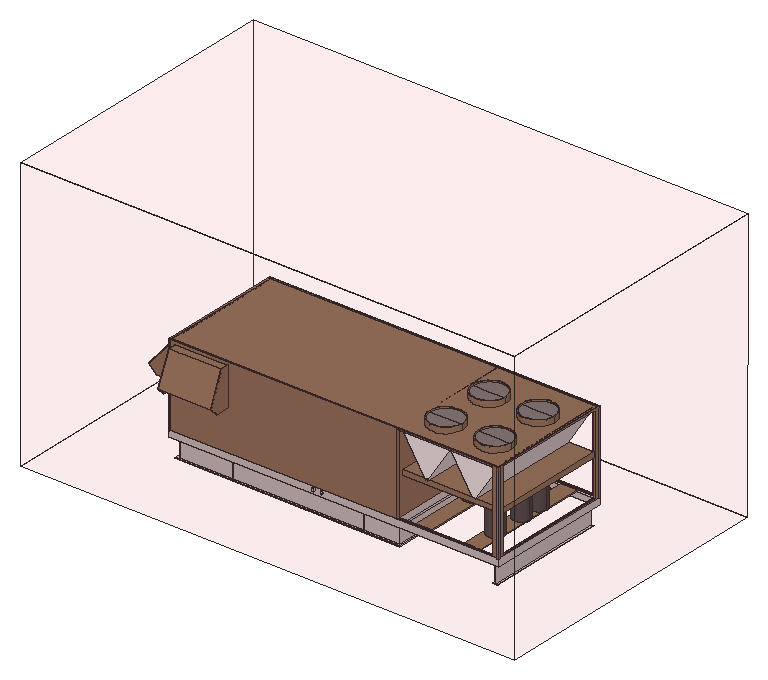
Revit family
Parameters (values of type "25 Ton - D - C - W - 208V")
  Width = 92"  # constant formula
  Water Supply Connection Diameter = 2"  # constant formula
  Water Return Connection Diameter = 2"  # constant formula
  Water Heating Pressure Drop [instance] = 0.00 psi
  Water Out Connector Description = "Water Out"  # constant formula
  Voltage = 208 V
  URL = "www.johnsoncontrols.com"
  Temperature Rise Range = 0 °F
  Supply Fan HP = 0 VA
  Supply Fan Full Load Current = 0 A
  Supply Air Connection Width = 71 39/64"  # constant formula
  Supply Air Connection Height = 26"  # constant formula
  Supply Air Connection Description = "Supply Air"  # constant formula
  Steady State Efficiency [instance] = 0
  Static Resistance [instance] = 0
  Standard Capacity Evaporator [instance] = ""
  Serial Number [instance] = ""
  Seasonal Energy Efficiency Rating [instance] = 0
  Right Screen Detail Width = Width - 8"  # 84"
  Return Air Dry Bulb Temperature [instance] = 68 °F
  Return Air Connection Width = 76 3/8"  # constant formula
  Return Air Connection Height = 24 115/128"  # constant formula
  Return Air Connection Description = "Return Air"  # constant formula
  Refrigerant Used = "R-410A"  # constant formula
  Refrigerant Charge System Two = 12.00 lbf
  Refrigerant Charge System Three = 10.00 lbf
  Refrigerant Charge System One = 12.00 lbf
  Refrigerant Charge System Four = 10.00 lbf
  Product Page URL = "http://www.johnsoncontrols.com/publish/us/en/products/building_efficiency/integrated_hvac_systems/Industrial___Commercial_HVAC_Equipment/single-package_units/series_40.html"
  Product Documentation Link = "http://www.johnsoncontrols.com/publish/etc/medialib/jci/be/commercial/products/industrial___commercial/single-package_units.Par.62966.File.dat/series%2040-%20T%20series.pdf"
  Power Front Connection Diameter = 2 1/2"  # constant formula
  Power Factor = 1  # constant formula
  Power Exhaust Width = 59 133/256"  # constant formula
  Power Convenience Outlet Description [instance] = if(Power Convenience Outlet, "Convenience Electrical Connection", "Disable")  # "Convenience Electrical Connection"
  Power Convenience Outlet [instance] = yes
  Power Connector Description = "Equipment Power"  # constant formula
  Power Connection Diameter = 3 5/8"  # constant formula
  Outdoor Ambient Temperature [instance] = 75 °F
  Outdoor Air Wet Bulb Temperature [instance] = 57 °F
  Operating Weight = 4410.00 lbf
  OmniClass Title = "Packaged Rooftop Air Conditioning Units"  # constant formula
  OmniClass Number = "23.75.10.24.21.27.14"  # constant formula
  Number of Poles = 3
  Nominal Cooling Capacity = 0.0 ton
  Model = "V3DW"
  Maximum Overcurrent Protection = 0 A
  Manufacturer = "Johnson Controls, Inc."  # constant formula
  Length = 240"  # constant formula
  Keynote = "15700"
  Integrated Part Load Value = 0
  Water In Connector Description = "Water In"  # constant formula
  Heating Water Entering Temperature [instance] = 0 °F
  Hot Gas By Pass [instance] = no
  Height = 64"  # constant formula
  Water Inlet Offset Front = 11 225/256"  # constant formula
  Water Connection Radius = Water Supply Connection Diameter / 2  # 1"
  Heating Coil Size = "22.5\" x 65\""
  Heating Coil Row Quantity = 2
  Heating Coil Fin Density per Inch = 16  # constant formula
  Power Front Connection Radius = Power Front Connection Diameter / 2  # 1 1/4"
  Frame Material = Metal - JCI - Steel - Galvanized With Wood Nailer
  Frame Finish = Paint - JCI - Powder Coated - Champagne
  Filter Type = "2\" TA"
  Filter Size and Quantity = "4 / 16 x 25 & 6 / 20 x 25"  # constant formula
  Filter Face Area = 30.40 SF  # constant formula
  Family Revision Date = "06/18/2010"  # constant formula
  Exhaust Fan Type = "FC"  # constant formula
  Exhaust Fan Quantity = 1
  Exhaust Fan HP [instance] = 0 VA
  Exhaust Fan Drive = "Belt Drive"
  Exhaust Air Flow = 0 CFM
  Exhaust Air Blower Full Load Current [instance] = 0 A
  Evaporator Coil Row Count = 2
  Evaporator Coil Fins per Inch = 16  # constant formula
  Evaporator Coil Face Area = 26.00 SF
  Economizer Damper Hood Right [instance] = not(Economizer Damper Hood Left)  # yes
  Door Screen Detail Height = Height - 5 5/8"  # 58 3/8"
  Design Supply Air Flow [instance] = 0 CFM
  Curb Exists [instance] = yes
  Convenience Outlet Voltage [instance] = if(Power Convenience Outlet, 115 V, 0 V)  # 115 V
  External Static Pressure [instance] = 0.00 in-wg
  Energy Efficiency Rating = 10.5
  Economizer Damper Hood Left [instance] = no
  Description = "Air Handling Unit, Commercial Comfort Systems, Series 40, Cooling And Hot Water Heating-End Return And Bottom Supply - 25 to 40 Ton Unit"  # constant formula
  Curb Width = 87"  # constant formula
  Curb Thicknes = 2"  # constant formula
  Curb Metal Gauge = 1/8"  # constant formula
  Curb Length = 235"  # constant formula
  Curb Height = 14"
  Curb Material = Metal - JCI - Steel - Galvanized With Wood Nailer
  Copyright © = "Copyright © 2001-2009 Johnson Controls"  # constant formula
  Convenience Outlet Full Load Current = 0 A
  Condenser Fan Quantity = 1
  Condenser Fan HP = 0 VA
  Condenser Fan Full Load Current = 0 A
  Condenser Fan Drive Type = "Belt Drive"
  Condenser Fan Diameter = 24"
  Condenser Coils Fins per Inch = 16  # constant formula
  Condenser Coil Rows = 2
  Condenser Coil Material = Metal - JCI - Aluminum - Perforated - Micro Channel
  Condensate Drain Flow [instance] = 0 GPM
  Condensate Drain Connection Radius = Condensate Drain Connection Diameter / 2  # 3/4"
  Condensate Drain Connection Diameter = 1 1/2"  # constant formula
  Condensate Drain Connection Description = "Condensate Drain"  # constant formula
  Compressor Type = "Scroll"  # constant formula
  Compressor Size = "5.7 Tons"
  Compressor Running Load Current = 0 A
  Compressor Quantity = 4
  Compressor Maximum Continuous Current = 0 A
  Compressor Material = Metal - JCI - Cast Iron - Coated Black
  Compressor Locked Rotor Current = 0 A
  Clearance Top = 120"
  Clearance Right = 60"
  Clearance Left = 60"
  Clearance Front = 60"
  Clearance Bottom [instance] = if(Curb Exists, CTRL Curb Height, 0")  # 14"
  Clearance Back = 60"
  Clearance = Include Clearance : Include Clearance
  Power Connection Radius = Power Connection Diameter / 2  # 1 13/16"
  CTRL Curb Height [instance] = if(Curb Exists, if(Curb Height < 9", 8", 14"), 0")  # 14"
  Assembly Code = "D3050200"
  Actual Supply Air Flow [instance] = 0 CFM
  Actual Return Air Flow [instance] = 0 CFM
  Actual Heating Water Flow [instance] = 0 GPM
Reference planes (in)
  plane 1 "Center (Front/Back)": y = 0
  plane 2 "Curb Bottom": z = 0
  plane 3 "Center (Left/Right)": x = 0
  plane 4 "Curb Left": x = -117.5
  plane 5 "Curb Right": x = 117.5
  plane 6 "Curb Front": y = -43.5
  plane 7 "Curb Back": y = 43.5
  plane 8 "Return Air Left": x = -115.5
  plane 9 "Right Rail Center L/R": x = 115.5
  plane 10 "Curb Front Inset": y = -41.5
  plane 11 "Curb Back Inset": y = 41.5
  plane 12 "Curb Top": z = 14
  plane 13 "Curb Top Offset": z = 12.5
  plane 14 "Return Air Right": x = -76.91016
  plane 15 "Return Air Right Inset": x = -74.91016
  plane 16 "Supply Air Left": x = 18.17984
  plane 17 "Supply Air Right'": x = 44.17984
  plane 18 "Supply Air Right Offset": x = 46.17984
  plane 19 "Supply Air Left Offset": x = 16.17984
  plane 20 "Supply Air Front": y = -30.10938
  plane 21 "Supply Air Front Offset": y = -32.10938
  plane 22 "Right Rail Left": x = 113.5
  plane 23 "Right": x = 120
  plane 24 "Left": x = -120
  plane 25 "Back": y = 46
  plane 26 "Front": y = -46
  plane 27 "Center of Drain Connection L/R": x = -39.07
  plane 28 "Top of Base": z = 18.625
  plane 29 "Drain Center T/B": z = 16.3125
  plane 30 "Drain Back": y = 47
  plane 31 "Flanged Drain Left": x = -42.195
  plane 32 "Flanged Drain Right": x = -35.945
  plane 33 "Center of Electrical Connection L/R": x = -8.5
  plane 34 "Center of Electrical Connection F/B": y = -39.54
  plane 35 "Center of Connection Holes T/B": z = 17.0625
  plane 36 "Water Inlet Center F/B": y = -34.12109
  plane 37 "Water Inlet Center L/R": x = 20.42984
  plane 38 "Return Air Bottom": z = 20.25
  plane 39 "Center (Elevation)": z = 46
  plane 40 "Top Inset": z = 77.5
  plane 41 "Top": z = 78
  plane 42 "Top of Economizer Rain Hood": z = 76
  plane 43 "Condenser Fans Right": x = 99.66996
  plane 44 "Condenser Fans Center L/R": x = 81.83992
  plane 45 "Condenser Fans Left": x = 64.00988
  plane 46 "Condenser Fans Back": y = 15.33333
  plane 47 "Condenser Fans Front": y = -23.97667
  plane 48 "Water Outlet Center L/R": x = 41.62984
  plane 49 "Water Outlet Center F/B": y = -37.62
  plane 50 "Return Air Back": y = 38.1875
  plane 51 "Return Air Front": y = -38.1875
  plane 52 "Return Air Top": z = 45.14844
  plane 53 "Power Convenience Outlet Center L/R": x = -14.5
  plane 54 "Power Convenience Outlet Right": x = -13.75
  plane 55 "Power Convenience Outlet Left": x = -15.25
  plane 56 "Power Convenience Outlet Bottom": z = 16.0625
  plane 57 "Power Conveniece Outlet Top": z = 18.0625
  plane 58 "Power Convenience Outlet Front": y = -46.75
  plane 59 "Supply Center": x = 31.17984
  plane 60 "Supply Middle": y = 5.69476
  plane 61 "Return Middle": z = 32.69922
Forms (in)
  Sweep 1, solid, material "Metal - JCI - Steel - Galvanized With Wood Nailer" <- "Curb Material", visible <- "Curb Exists", detail levels fine
    path origin (0, 0, 0) x (1, 0, 0) y (0, 1, 0)
      loop
        line (-115.5, 41.5) -> (-115.5, -41.5) -> (44.17984, -41.5) -> (44.17984, 41.5) -> (-115.5, 41.5)
    profile origin (-35.66008, 41.5, 0) x (0, 1, 0) y (0, 0, 1)
      loop
        line (0, 0) -> (2, 0) -> (2, 0.125) -> (0.125, 0.125) -> (0.125, 13.875) -> (1.875, 13.875) -> (1.875, 12.5) -> (2, 12.5) -> (2, 14) -> (0, 14) -> (0, 0)
  Extrusion 2, solid, material "Metal - JCI - Steel - Galvanized With Wood Nailer" <- "Curb Material", visible <- "Curb Exists", detail levels fine
    sketch origin (0, 0, 0) x (1, 0, 0) y (0, 0, 1)
      loop
        line (16.17984, 12.5) -> (16.30484, 12.5) -> (16.30484, 13.875) -> (18.05484, 13.875) -> (18.05484, 0.125) -> (16.17984, 0.125) -> (16.17984, 0) -> (18.17984, 0) -> (18.17984, 14) -> (16.17984, 14) -> (16.17984, 12.5)
      loop
        line (-74.91016, 12.5) -> (-74.91016, 14) -> (-76.91016, 14) -> (-76.91016, 0) -> (-74.91016, 0) -> (-74.91016, 0.125) -> (-76.78516, 0.125) -> (-76.78516, 13.875) -> (-75.03516, 13.875) -> (-75.03516, 12.5) -> (-74.91016, 12.5)
    from -41.5 to 41.5
  Extrusion 3, solid, material "Metal - JCI - Steel - Galvanized With Wood Nailer" <- "Curb Material", visible <- "Curb Exists", detail levels fine
    sketch origin (0, 0, 0) x (0, 1, 0) y (0, 0, 1)
      loop
        line (-32.10938, 0.125) -> (-32.10938, 0) -> (-30.10938, 0) -> (-30.10938, 14) -> (-32.10938, 14) -> (-32.10938, 12.5) -> (-31.98438, 12.5) -> (-31.98438, 13.875) -> (-30.23438, 13.875) -> (-30.23438, 0.125) -> (-32.10938, 0.125)
    from 18.17984 to 44.17984
  Extrusion 4, solid, material "Metal - JCI - Steel - Galvanized With Wood Nailer" <- "Curb Material", visible <- "Curb Exists", detail levels fine
    sketch origin (0, 0, 0) x (1, 0, 0) y (0, 0, 1)
      loop
        line (113.5, 0.125) -> (113.5, 0) -> (117.5, 0) -> (117.5, 0.125) -> (115.625, 0.125) -> (115.625, 13.875) -> (117.375, 13.875) -> (117.375, 12.5) -> (117.5, 12.5) -> (117.5, 14) -> (113.5, 14) -> (113.5, 12.5) -> (113.625, 12.5) -> (113.625, 13.875) -> (115.375, 13.875) -> (115.375, 0.125) -> (113.5, 0.125)
    from -43.5 to 43.5
  Extrusion 5, solid, material "Metal - JCI - Steel - Galvanized With Wood Nailer" <- "Curb Material", visible <- "Curb Exists", detail levels medium
    sketch origin (0, 0, 12.5) x (-1, 0, 0) y (0, -1, 0)
      loop
        line (117.5, -43.5) -> (117.5, 43.5) -> (-46.17984, 43.5) -> (-46.17984, -43.5) -> (117.5, -43.5)
      loop
        line (-113.5, -43.5) -> (-113.5, 43.5) -> (-117.5, 43.5) -> (-117.5, -43.5) -> (-113.5, -43.5)
    from -12.5 to 1.5
  Revolve 6, solid, material "Metal - JCI - Steel - Galvanized With Wood Nailer" <- "Curb Material", detail levels medium+fine
    sketch origin (0, 0, 16.3125) x (-1, 0, 0) y (0, -1, 0)
      loop
        line (39.07, -47) -> (39.07, -46) -> (38.32, -46) -> (38.32, -47) -> (39.07, -47)
      axis (39.07, -46) -> (39.07, -47)
    angle from 0 to 360
  Extrusion 7, solid, material "Metal - JCI - Steel - Galvanized With Wood Nailer" <- "Curb Material", detail levels medium+fine
    sketch origin (0, -43.5, 0) x (-1, 0, 0) y (0, 0, 1)
      loop
        line (42.195, 18.625) -> (35.945, 18.625) -> (35.945, 14) -> (42.195, 14) -> (42.195, 18.625)
      loop
        circle (39.07, 16.3125) r 0.75
    from 89.5 to 89.57955
  Extrusion 8, void
    sketch origin (0, -43.5, 0) x (-1, 0, 0) y (0, 0, 1)
      loop
        circle (8.5, 17.0625) r 1.25
    from -2.5 to 3.96
  Extrusion 9, void
    sketch origin (0, 0, 16.3125) x (-1, 0, 0) y (0, -1, 0)
      loop
        line (-18.17984, -41.5) -> (-18.17984, 30.10938) -> (-44.17984, 30.10938) -> (-44.17984, -41.5) -> (-18.17984, -41.5)
    from -3.8125 to -2.3125
  Extrusion 10, void
    sketch origin (0, 0, 16.3125) x (-1, 0, 0) y (0, -1, 0)
      loop
        circle (-20.42984, 34.12109) r 1
    from -3.8125 to 2.3125
  Revolve 11, void
    sketch origin (0, -37.62, 0) x (-1, 0, 0) y (0, 0, 1)
      loop
        line (-41.62984, 18.625) -> (-41.62984, 12.5) -> (-40.62984, 12.5) -> (-40.62984, 18.625) -> (-41.62984, 18.625)
      axis (-41.62984, 12.5) -> (-41.62984, 18.625)
    angle from 0 to 360
  Extrusion 12, void
    sketch origin (0, 0, 0) x (0, 1, 0) y (0, 0, 1)
      loop
        line (38.1875, 45.14844) -> (-38.1875, 45.14844) -> (-38.1875, 20.25) -> (38.1875, 20.25) -> (38.1875, 45.14844)
    from -120 to -117.5
  Extrusion 13, solid, material "Metal - JCI - Steel - Galvanized With Wood Nailer" <- "Frame Material", visible <- "Power Convenience Outlet", detail levels medium+fine
    sketch origin (0, -46, 0) x (-1, 0, 0) y (0, 0, 1)
      loop
        line (15.25, 18.0625) -> (13.75, 18.0625) -> (13.75, 16.0625) -> (15.25, 16.0625) -> (15.25, 18.0625)
    from -0.75 to 0
Lines and regions (in)
  Masking region 1
    outline origin (0, 0, 0) x (1, 0, 0) y (0, 0, 1)
      loop
        line (113.5, 14) -> (113.5, 0) -> (117.5, 0) -> (117.5, 14) -> (113.5, 14)
      loop
        line (-117.5, 14) -> (-117.5, 0) -> (46.17984, 0) -> (46.17984, 14) -> (-117.5, 14)
  Masking region 2
    outline origin (0, 0, 0) x (0, 1, 0) y (0, 0, 1)
      loop
        line (-43.5, 14) -> (-43.5, 0) -> (43.5, 0) -> (43.5, 14) -> (-43.5, 14)
  Masking region 3, visible <- "Power Convenience Outlet", detail levels medium+fine
    outline origin (-14.5, 0, 0) x (0, -1, 0) y (0, 0, 1)
      loop
        line (46.75, 18.0625) -> (46, 18.0625) -> (46, 16.0625) -> (46.75, 16.0625) -> (46.75, 18.0625)
  Masking region 4, visible <- "Power Convenience Outlet"
    outline origin (0, -46, 0) x (-1, 0, 0) y (0, 0, 1)
      loop
        line (15.25, 18.0625) -> (13.75, 18.0625) -> (13.75, 16.0625) -> (15.25, 16.0625) -> (15.25, 18.0625)
  Masking region 5, visible <- "Power Convenience Outlet", detail levels medium+fine
    outline origin (0, 0, 17.0625) x (-1, 0, 0) y (0, -1, 0)
      loop
        line (15.25, 46) -> (15.25, 46.75) -> (13.75, 46.75) -> (13.75, 46) -> (15.25, 46)
  Masking region 6, detail levels medium+fine
    outline origin (-39.07, 0, 0) x (0, -1, 0) y (0, 0, 1)
      loop
        line (-46, 17.0625) -> (-47, 17.0625) -> (-47, 15.5625) -> (-46, 15.5625) -> (-46, 17.0625)
  Masking region 7, detail levels medium+fine
    outline origin (0, 0, 17.0625) x (-1, 0, 0) y (0, -1, 0)
      loop
        line (39.82, -47) -> (39.82, -46) -> (38.32, -46) -> (38.32, -47) -> (39.82, -47)
  model lines, style "Roof Curv", visible <- "Curb Exists", detail levels coarse
    curve 1: line (-117.5, 43.5, 0) -> (46.17984, 43.5, 0)
    curve 2: line (-117.5, 43.5, 0) -> (-117.5, -43.5, 0)
    curve 3: line (-117.5, -43.5, 0) -> (46.17984, -43.5, 0)
    curve 4: line (46.17984, 43.5, 0) -> (46.17984, -43.5, 0)
    curve 5: line (115.5, 43.5, 0) -> (115.5, -43.5, 0)
    curve 6: line (-117.5, 43.5, 14) -> (46.17984, 43.5, 14)
    curve 7: line (-117.5, -43.5, 14) -> (46.17984, -43.5, 14)
    curve 8: line (46.17984, 43.5, 14) -> (46.17984, -43.5, 14)
    curve 9: line (-117.5, 43.5, 14) -> (-117.5, -43.5, 14)
    curve 10: line (115.5, 43.5, 14) -> (115.5, -43.5, 14)
    curve 11: line (113.5, -43.5, 14) -> (117.5, -43.5, 14)
    curve 12: line (113.5, 43.5, 14) -> (117.5, 43.5, 14)
    curve 13: line (113.5, 43.5, 0) -> (117.5, 43.5, 0)
    curve 14: line (113.5, -43.5, 0) -> (117.5, -43.5, 0)
    curve 15: line (117.5, 43.5, 14) -> (117.5, 43.5, 12.5)
    curve 16: line (113.5, 43.5, 14) -> (113.5, 43.5, 12.5)
    curve 17: line (115.5, 43.5, 14) -> (115.5, 43.5, 0)
    curve 18: line (113.5, -43.5, 14) -> (113.5, -43.5, 12.5)
    curve 19: line (117.5, -43.5, 14) -> (117.5, -43.5, 12.5)
    curve 20: line (115.5, -43.5, 14) -> (115.5, -43.5, 0)
    curve 21: line (113.5, 43.5, 0) -> (113.5, -43.5, 0)
    curve 22: line (117.5, 43.5, 0) -> (117.5, -43.5, 0)
    curve 23: line (113.5, 43.5, 14) -> (113.5, -43.5, 14)
    curve 24: line (117.5, 43.5, 14) -> (117.5, -43.5, 14)
    curve 25: line (117.5, 43.5, 12.5) -> (117.5, -43.5, 12.5)
    curve 26: line (113.5, -43.5, 12.5) -> (113.5, 43.5, 12.5)
    curve 27: line (44.17984, 41.5, 14) -> (44.17984, 41.5, 0)
    curve 28: line (-115.5, 41.5, 14) -> (-115.5, 41.5, 0)
    curve 29: line (-115.5, -41.5, 14) -> (-115.5, -41.5, 0)
    curve 30: line (44.17984, -41.5, 14) -> (44.17984, -41.5, 0)
    curve 31: line (-115.5, 41.5, 0) -> (44.17984, 41.5, 0)
    curve 32: line (-115.5, -41.5, 0) -> (44.17984, -41.5, 0)
    curve 33: line (44.17984, 41.5, 0) -> (44.17984, -41.5, 0)
    curve 34: line (-115.5, 41.5, 0) -> (-115.5, -41.5, 0)
    curve 35: line (-115.5, 41.5, 14) -> (44.17984, 41.5, 14)
    curve 36: line (44.17984, 41.5, 14) -> (44.17984, -41.5, 14)
    curve 37: line (44.17984, -41.5, 14) -> (-115.5, -41.5, 14)
    curve 38: line (-115.5, -41.5, 14) -> (-115.5, 41.5, 14)
    curve 39: line (-117.5, 43.5, 14) -> (-115.5, 41.5, 14)
    curve 40: line (-117.5, -43.5, 14) -> (-115.5, -41.5, 14)
    curve 41: line (44.17984, -41.5, 14) -> (46.17984, -43.5, 14)
    curve 42: line (44.17984, 41.5, 14) -> (46.17984, 43.5, 14)
    curve 43: line (44.17984, 41.5, 0) -> (46.17984, 43.5, 0)
    curve 44: line (44.17984, -41.5, 0) -> (46.17984, -43.5, 0)
    curve 45: line (-115.5, -41.5, 0) -> (-117.5, -43.5, 0)
    curve 46: line (-115.5, 41.5, 0) -> (-117.5, 43.5, 0)
    curve 47: line (-117.5, 43.5, 14) -> (-117.5, 43.5, 12.5)
    curve 48: line (46.17984, 43.5, 14) -> (46.17984, 43.5, 12.5)
    curve 49: line (-117.5, -43.5, 14) -> (-117.5, -43.5, 12.5)
    curve 50: line (46.17984, -43.5, 14) -> (46.17984, -43.5, 12.5)
    curve 51: line (-117.5, 43.5, 12.5) -> (46.17984, 43.5, 12.5)
    curve 52: line (-117.5, -43.5, 12.5) -> (-117.5, 43.5, 12.5)
    curve 53: line (46.17984, -43.5, 12.5) -> (-117.5, -43.5, 12.5)
    curve 54: line (46.17984, 43.5, 12.5) -> (46.17984, -43.5, 12.5)
  model lines, style "Roof Curv", detail levels coarse
    curve 55: line (-39.07, 46, 16.3125) -> (-39.07, 47, 16.3125)
  symbolic lines, style "Roof Curv", detail levels coarse
    curve 56: line (-39.07, 46, 16.3125) -> (-39.07, 47, 16.3125)
    curve 57: line (-39.07, 46, 16.3125) -> (-39.07, 47, 16.3125)
  model lines, style "Frame Unit", visible <- "Power Convenience Outlet", detail levels coarse
    curve 58: line (-14.5, -46.75, 17.0625) -> (-14.5, -46, 17.0625)
    curve 60: line (-15.25, -46, 18.0625) -> (-13.75, -46, 18.0625)
    curve 61: line (-13.75, -46, 18.0625) -> (-13.75, -46, 16.0625)
    curve 62: line (-13.75, -46, 16.0625) -> (-15.25, -46, 16.0625)
    curve 63: line (-15.25, -46, 16.0625) -> (-15.25, -46, 18.0625)
  symbolic lines, style "Frame Unit", visible <- "Power Convenience Outlet", detail levels coarse
    curve 59: line (-14.5, -46.75, 17.0625) -> (-14.5, -46, 17.0625)
    curve 64: line (-14.5, -46, 17.0625) -> (-14.5, -46.75, 17.0625)
Dimensions and locks (in)
  "Curb Thicknes": plane 9 "Right Rail Center L/R" to plane 5 "Curb Right"
  "Curb Thicknes": plane 4 "Curb Left" to plane 8 "Return Air Left"
  "Curb Height": plane 12 "Curb Top" to plane 2 "Curb Bottom"
  locked: plane 12 "Curb Top" to plane 13 "Curb Top Offset" at 1.5
  "Curb Metal Gauge": Sweep 1 sketch curve to plane 7 "Curb Back"
  "Curb Metal Gauge": plane 12 "Curb Top" to Sweep 1 sketch curve
  "Curb Metal Gauge": plane 11 "Curb Back Inset" to Sweep 1 sketch curve
  "Curb Metal Gauge": Sweep 1 sketch curve to plane 2 "Curb Bottom"
  "Curb Thicknes": plane 14 "Return Air Right" to plane 15 "Return Air Right Inset"
  locked: plane 8 "Return Air Left" to plane 14 "Return Air Right" at 38.58984
  "Supply Air Connection Height": plane 16 "Supply Air Left" to plane 17 "Supply Air Right'"
  "Curb Thicknes": plane 17 "Supply Air Right'" to plane 18 "Supply Air Right Offset"
  "Curb Thicknes": plane 19 "Supply Air Left Offset" to plane 16 "Supply Air Left"
  locked: plane 18 "Supply Air Right Offset" to plane 5 "Curb Right" at 71.32016
  "Curb Metal Gauge": plane 14 "Return Air Right" to Extrusion 2 sketch curve
  "Curb Metal Gauge": Extrusion 2 sketch curve to plane 2 "Curb Bottom"  (x2)
  "Curb Metal Gauge": Extrusion 2 sketch curve to plane 15 "Return Air Right Inset"
  "Curb Metal Gauge": plane 12 "Curb Top" to Extrusion 2 sketch curve  (x2)
  "Curb Metal Gauge": plane 19 "Supply Air Left Offset" to Extrusion 2 sketch curve
  "Curb Metal Gauge": Extrusion 2 sketch curve to plane 16 "Supply Air Left"
  "Supply Air Connection Width": plane 20 "Supply Air Front" to plane 11 "Curb Back Inset"
  "Curb Thicknes": plane 20 "Supply Air Front" to plane 21 "Supply Air Front Offset"
  "Curb Metal Gauge": Extrusion 3 sketch curve to plane 20 "Supply Air Front"
  "Curb Metal Gauge": plane 21 "Supply Air Front Offset" to Extrusion 3 sketch curve
  "Curb Metal Gauge": plane 12 "Curb Top" to Extrusion 3 sketch curve
  "Curb Metal Gauge": Extrusion 3 sketch curve to plane 2 "Curb Bottom"
  "Curb Thicknes": plane 22 "Right Rail Left" to plane 9 "Right Rail Center L/R"
  "Curb Metal Gauge": plane 12 "Curb Top" to Extrusion 4 sketch curve
  "Curb Metal Gauge": Extrusion 4 sketch curve to plane 5 "Curb Right"
  "Curb Metal Gauge": Extrusion 4 sketch curve to plane 2 "Curb Bottom"
  "Curb Metal Gauge": Extrusion 4 sketch curve to plane 9 "Right Rail Center L/R"
  "Curb Metal Gauge": plane 9 "Right Rail Center L/R" to Extrusion 4 sketch curve
  "Curb Metal Gauge": Extrusion 4 sketch curve to plane 22 "Right Rail Left"
  equal spacing: plane 24 "Left", plane 3 "Center (Left/Right)", plane 23 "Right"
  "Length": plane 24 "Left" to plane 23 "Right"
  equal spacing: plane 25 "Back", plane 1 "Center (Front/Back)", plane 26 "Front"
  "Width": plane 25 "Back" to plane 26 "Front"
  locked: plane 7 "Curb Back" to plane 25 "Back" at 2.5
  locked: plane 6 "Curb Front" to plane 26 "Front" at 2.5
  "Curb Thicknes": plane 10 "Curb Front Inset" to plane 6 "Curb Front"
  "Curb Thicknes": plane 11 "Curb Back Inset" to plane 7 "Curb Back"
  locked: plane 5 "Curb Right" to plane 23 "Right" at 2.5
  locked: plane 24 "Left" to plane 4 "Curb Left" at 2.5
  locked: plane 24 "Left" to plane 27 "Center of Drain Connection L/R" at 80.93
  locked: plane 28 "Top of Base" to plane 12 "Curb Top" at 4.625
  equal spacing: plane 28 "Top of Base", plane 29 "Drain Center T/B", plane 12 "Curb Top"
  "Condensate Drain Connection Radius": Revolve 6 sketch curve to Revolve 6 sketch curve
  locked: plane 25 "Back" to plane 30 "Drain Back" at 1
  equal spacing: plane 32 "Flanged Drain Right", plane 27 "Center of Drain Connection L/R", plane 31 "Flanged Drain Left"
  locked: plane 32 "Flanged Drain Right" to plane 31 "Flanged Drain Left" at 6.25
  "Condensate Drain Connection Radius": Extrusion 7 sketch curve to plane 29 "Drain Center T/B"
  "Condensate Drain Connection Radius": plane 27 "Center of Drain Connection L/R" to Extrusion 7 sketch curve
  locked: plane 25 "Back" to Extrusion 7 at 0.07955
  locked: plane 33 "Center of Electrical Connection L/R" to plane 23 "Right" at 128.5
  locked: plane 34 "Center of Electrical Connection F/B" to plane 26 "Front" at 6.46
  locked: plane 35 "Center of Connection Holes T/B" to plane 12 "Curb Top" at 3.0625
  "Power Front Connection Radius": plane 33 "Center of Electrical Connection L/R" to Extrusion 8 sketch curve
  "Power Front Connection Radius": plane 35 "Center of Connection Holes T/B" to Extrusion 8 sketch curve
  "Water Inlet Offset Front": plane 36 "Water Inlet Center F/B" to plane 26 "Front"
  "Water Connection Radius": plane 37 "Water Inlet Center L/R" to Extrusion 10 sketch curve
  "Water Connection Radius": plane 36 "Water Inlet Center F/B" to Extrusion 10 sketch curve
  locked: plane 38 "Return Air Bottom" to plane 12 "Curb Top" at 6.25
  locked: plane 41 "Top" to plane 42 "Top of Economizer Rain Hood" at 2
  locked: plane 41 "Top" to plane 40 "Top Inset" at 0.5
  equal spacing: plane 41 "Top", plane 39 "Center (Elevation)", plane 12 "Curb Top"
  "Height": plane 41 "Top" to plane 12 "Curb Top"
  equal spacing: plane 18 "Supply Air Right Offset", plane 45 "Condenser Fans Left", plane 44 "Condenser Fans Center L/R", plane 43 "Condenser Fans Right", plane 5 "Curb Right"
  locked: plane 47 "Condenser Fans Front" to plane 46 "Condenser Fans Back" at 39.31
  locked: plane 46 "Condenser Fans Back" to plane 25 "Back" at 30.66667
  locked: plane 16 "Supply Air Left" to plane 37 "Water Inlet Center L/R" at 2.25
  locked: plane 48 "Water Outlet Center L/R" to plane 17 "Supply Air Right'" at 2.55
  locked: plane 49 "Water Outlet Center F/B" to plane 26 "Front" at 8.38
  "Water Connection Radius": Revolve 11 sketch curve to Revolve 11 sketch curve
  equal spacing: plane 50 "Return Air Back", plane 1 "Center (Front/Back)", plane 51 "Return Air Front"
  "Return Air Connection Width": plane 50 "Return Air Back" to plane 51 "Return Air Front"
  "Return Air Connection Height": plane 52 "Return Air Top" to plane 38 "Return Air Bottom"
  locked: plane 53 "Power Convenience Outlet Center L/R" to plane 33 "Center of Electrical Connection L/R" at 6
  equal spacing: plane 54 "Power Convenience Outlet Right", plane 53 "Power Convenience Outlet Center L/R", plane 55 "Power Convenience Outlet Left"
  locked: plane 54 "Power Convenience Outlet Right" to plane 55 "Power Convenience Outlet Left" at 1.5
  equal spacing: plane 57 "Power Conveniece Outlet Top", plane 35 "Center of Connection Holes T/B", plane 56 "Power Convenience Outlet Bottom"
  locked: plane 57 "Power Conveniece Outlet Top" to plane 56 "Power Convenience Outlet Bottom" at 2
  locked: plane 58 "Power Convenience Outlet Front" to plane 26 "Front" at 0.75
  "Condensate Drain Connection Radius": Masking region 6 sketch curve to plane 29 "Drain Center T/B"
  "Condensate Drain Connection Radius": plane 29 "Drain Center T/B" to Masking region 6 sketch curve
  "Condensate Drain Connection Radius": plane 27 "Center of Drain Connection L/R" to Masking region 7 sketch curve
  "Condensate Drain Connection Radius": Masking region 7 sketch curve to plane 27 "Center of Drain Connection L/R"
  "Power Front Connection Radius": radius of Extrusion 8 sketch curve
  "Water Connection Radius": radius of Extrusion 10 sketch curve
  aligned and locked: plane 2 "Curb Bottom" to level
  aligned and locked: Sweep 1 sketch curve to plane 11 "Curb Back Inset"
  aligned and locked: Sweep 1 sketch curve to plane 12 "Curb Top"
  aligned and locked: plane 13 "Curb Top Offset" to Sweep 1 sketch curve
  aligned and locked: plane 11 "Curb Back Inset" to Sweep 1 sketch curve
  aligned and locked: plane 10 "Curb Front Inset" to Sweep 1 sketch curve
  aligned and locked: Sweep 1 sketch curve to plane 8 "Return Air Left"
  aligned and locked: plane 7 "Curb Back" to Sweep 1 sketch curve
  aligned and locked: Sweep 1 sketch curve to plane 2 "Curb Bottom"
  aligned and locked: plane 17 "Supply Air Right'" to Sweep 1 sketch curve
  aligned and locked: plane 16 "Supply Air Left" to Extrusion 2 sketch curve
  aligned and locked: Extrusion 2 sketch curve to plane 19 "Supply Air Left Offset"  (x2)
  aligned and locked: Extrusion 2 sketch curve to plane 12 "Curb Top"
  aligned and locked: plane 2 "Curb Bottom" to Extrusion 2 sketch curve
  aligned and locked: Extrusion 2 sketch curve to plane 15 "Return Air Right Inset"  (x2)
  aligned and locked: plane 14 "Return Air Right" to Extrusion 2 sketch curve
  aligned and locked: plane 12 "Curb Top" to Extrusion 2 sketch curve
  aligned and locked: Extrusion 2 sketch curve to plane 2 "Curb Bottom"
  aligned and locked: Extrusion 2 to plane 11 "Curb Back Inset"
  aligned and locked: Extrusion 2 to plane 10 "Curb Front Inset"
  aligned and locked: Extrusion 2 sketch curve to plane 13 "Curb Top Offset"
  aligned and locked: plane 13 "Curb Top Offset" to Extrusion 2 sketch curve
  aligned and locked: Extrusion 3 sketch curve to plane 12 "Curb Top"
  aligned and locked: plane 2 "Curb Bottom" to Extrusion 3 sketch curve
  aligned and locked: Extrusion 3 sketch curve to plane 20 "Supply Air Front"
  aligned and locked: plane 21 "Supply Air Front Offset" to Extrusion 3 sketch curve  (x2)
  aligned and locked: plane 13 "Curb Top Offset" to Extrusion 3 sketch curve
  aligned and locked: plane 16 "Supply Air Left" to Extrusion 3
  aligned and locked: Extrusion 3 to plane 17 "Supply Air Right'"
  aligned and locked: Extrusion 4 sketch curve to plane 12 "Curb Top"
  aligned and locked: plane 22 "Right Rail Left" to Extrusion 4 sketch curve  (x2)
  aligned and locked: plane 13 "Curb Top Offset" to Extrusion 4 sketch curve  (x2)
  aligned and locked: plane 5 "Curb Right" to Extrusion 4 sketch curve  (x2)
  aligned and locked: plane 2 "Curb Bottom" to Extrusion 4 sketch curve
  aligned and locked: Extrusion 4 sketch curve to Extrusion 4 sketch curve  (x2)
  aligned and locked: Extrusion 4 to plane 7 "Curb Back"
  aligned and locked: Extrusion 4 to plane 6 "Curb Front"
  aligned and locked: plane 6 "Curb Front" to curve 4
  aligned and locked: plane 7 "Curb Back" to curve 5
  aligned and locked: plane 6 "Curb Front" to curve 5
  aligned and locked: curve 5 to plane 9 "Right Rail Center L/R"
  aligned and locked: plane 18 "Supply Air Right Offset" to curve 1
  aligned and locked: plane 4 "Curb Left" to curve 3
  aligned and locked: curve 3 to plane 6 "Curb Front"
  aligned and locked: plane 4 "Curb Left" to curve 9
  aligned and locked: plane 18 "Supply Air Right Offset" to curve 7
  aligned and locked: plane 22 "Right Rail Left" to curve 11
  aligned and locked: plane 22 "Right Rail Left" to curve 14
  aligned and locked: plane 5 "Curb Right" to curve 11
  aligned and locked: plane 5 "Curb Right" to curve 14
  aligned and locked: curve 11 to plane 6 "Curb Front"
  aligned and locked: curve 14 to plane 6 "Curb Front"
  aligned and locked: plane 18 "Supply Air Right Offset" to curve 8
  aligned and locked: plane 7 "Curb Back" to curve 10
  aligned and locked: curve 10 to plane 9 "Right Rail Center L/R"
  aligned and locked: plane 5 "Curb Right" to curve 13
  aligned and locked: plane 22 "Right Rail Left" to curve 12
  aligned and locked: plane 22 "Right Rail Left" to curve 13
  aligned and locked: plane 7 "Curb Back" to curve 12
  aligned and locked: plane 7 "Curb Back" to curve 13
  aligned and locked: plane 4 "Curb Left" to curve 6
  aligned and locked: plane 4 "Curb Left" to curve 1
  aligned and locked: plane 18 "Supply Air Right Offset" to curve 6
  aligned and locked: plane 6 "Curb Front" to curve 9
  aligned and locked: plane 6 "Curb Front" to curve 2
  aligned and locked: plane 12 "Curb Top" to curve 18
  aligned and locked: plane 12 "Curb Top" to curve 16
  aligned and locked: plane 12 "Curb Top" to curve 20
  aligned and locked: plane 12 "Curb Top" to curve 17
  aligned and locked: plane 12 "Curb Top" to curve 15
  aligned and locked: plane 12 "Curb Top" to curve 19
  aligned and locked: plane 13 "Curb Top Offset" to curve 18
  aligned and locked: plane 13 "Curb Top Offset" to curve 16
  aligned and locked: plane 13 "Curb Top Offset" to curve 15
  aligned and locked: plane 13 "Curb Top Offset" to curve 19
  aligned and locked: plane 2 "Curb Bottom" to curve 20
  aligned and locked: plane 2 "Curb Bottom" to curve 17
  aligned and locked: curve 16 to plane 22 "Right Rail Left"
  aligned and locked: curve 18 to plane 22 "Right Rail Left"
  aligned and locked: plane 5 "Curb Right" to curve 15
  aligned and locked: plane 5 "Curb Right" to curve 19
  aligned and locked: curve 17 to plane 9 "Right Rail Center L/R"
  aligned and locked: curve 20 to plane 9 "Right Rail Center L/R"
  aligned and locked: plane 5 "Curb Right" to curve 24
  aligned and locked: plane 7 "Curb Back" to curve 24
  aligned and locked: plane 7 "Curb Back" to curve 23
  aligned and locked: plane 7 "Curb Back" to curve 22
  aligned and locked: plane 7 "Curb Back" to curve 21
  aligned and locked: plane 6 "Curb Front" to curve 23
  aligned and locked: plane 6 "Curb Front" to curve 24
  aligned and locked: plane 6 "Curb Front" to curve 21
  aligned and locked: plane 6 "Curb Front" to curve 22
  aligned and locked: plane 7 "Curb Back" to curve 25
  aligned and locked: plane 7 "Curb Back" to curve 26
  aligned and locked: plane 6 "Curb Front" to curve 25
  aligned and locked: plane 5 "Curb Right" to curve 25
  aligned and locked: plane 22 "Right Rail Left" to curve 26
  aligned and locked: plane 12 "Curb Top" to curve 30
  aligned and locked: plane 12 "Curb Top" to curve 27
  aligned and locked: plane 12 "Curb Top" to curve 28
  aligned and locked: plane 12 "Curb Top" to curve 29
  aligned and locked: plane 2 "Curb Bottom" to curve 29
  aligned and locked: plane 2 "Curb Bottom" to curve 28
  aligned and locked: plane 2 "Curb Bottom" to curve 30
  aligned and locked: plane 2 "Curb Bottom" to curve 27
  aligned and locked: plane 17 "Supply Air Right'" to curve 27
  aligned and locked: plane 17 "Supply Air Right'" to curve 30
  aligned and locked: plane 8 "Return Air Left" to curve 28
  aligned and locked: plane 8 "Return Air Left" to curve 29
  aligned and locked: plane 8 "Return Air Left" to curve 31
  aligned and locked: plane 17 "Supply Air Right'" to curve 35
  aligned and locked: plane 10 "Curb Front Inset" to curve 36
  aligned and locked: plane 10 "Curb Front Inset" to curve 33
  aligned and locked: plane 17 "Supply Air Right'" to curve 33
  aligned and locked: curve 32 to plane 10 "Curb Front Inset"
  aligned and locked: plane 8 "Return Air Left" to curve 32
  aligned and locked: plane 10 "Curb Front Inset" to curve 38
  aligned and locked: curve 38 to plane 8 "Return Air Left"
  aligned and locked: plane 11 "Curb Back Inset" to curve 31
  aligned and locked: plane 11 "Curb Back Inset" to curve 35
  aligned and locked: plane 8 "Return Air Left" to curve 39
  aligned and locked: plane 7 "Curb Back" to curve 39
  aligned and locked: plane 11 "Curb Back Inset" to curve 42
  aligned and locked: plane 7 "Curb Back" to curve 42
  aligned and locked: plane 7 "Curb Back" to curve 43
  aligned and locked: plane 11 "Curb Back Inset" to curve 43
  aligned and locked: plane 18 "Supply Air Right Offset" to curve 44
  aligned and locked: plane 17 "Supply Air Right'" to curve 44
  aligned and locked: plane 17 "Supply Air Right'" to curve 41
  aligned and locked: plane 4 "Curb Left" to curve 40
  aligned and locked: plane 6 "Curb Front" to curve 40
  aligned and locked: curve 46 to curve 39
  aligned and locked: plane 7 "Curb Back" to curve 46
  aligned and locked: plane 6 "Curb Front" to curve 41
  aligned and locked: plane 13 "Curb Top Offset" to curve 47
  aligned and locked: plane 13 "Curb Top Offset" to curve 49
  aligned and locked: plane 12 "Curb Top" to curve 47
  aligned and locked: plane 12 "Curb Top" to curve 49
  aligned and locked: plane 4 "Curb Left" to curve 47
  aligned and locked: plane 4 "Curb Left" to curve 49
  aligned and locked: plane 13 "Curb Top Offset" to curve 48
  aligned and locked: plane 13 "Curb Top Offset" to curve 50
  aligned and locked: plane 12 "Curb Top" to curve 50
  aligned and locked: plane 12 "Curb Top" to curve 48
  aligned and locked: plane 18 "Supply Air Right Offset" to curve 48
  aligned and locked: plane 18 "Supply Air Right Offset" to curve 50
  aligned and locked: plane 18 "Supply Air Right Offset" to curve 54
  aligned and locked: plane 7 "Curb Back" to curve 51
  aligned and locked: plane 7 "Curb Back" to curve 54
  aligned and locked: plane 6 "Curb Front" to curve 54
  aligned and locked: plane 18 "Supply Air Right Offset" to curve 53
  aligned and locked: plane 6 "Curb Front" to curve 52
  aligned and locked: plane 4 "Curb Left" to curve 53
  aligned and locked: plane 4 "Curb Left" to curve 51
  aligned and locked: plane 18 "Supply Air Right Offset" to curve 51
  aligned and locked: plane 7 "Curb Back" to curve 52
  aligned and locked: plane 7 "Curb Back" to Extrusion 5 sketch curve  (x2)
  aligned and locked: Extrusion 5 sketch curve to plane 4 "Curb Left"
  aligned and locked: plane 6 "Curb Front" to Extrusion 5 sketch curve  (x2)
  aligned and locked: plane 18 "Supply Air Right Offset" to Extrusion 5 sketch curve
  aligned and locked: plane 22 "Right Rail Left" to Extrusion 5 sketch curve
  aligned and locked: plane 5 "Curb Right" to Extrusion 5 sketch curve
  aligned and locked: Extrusion 5 to plane 2 "Curb Bottom"
  aligned and locked: plane 12 "Curb Top" to Extrusion 5
  aligned and locked: plane 27 "Center of Drain Connection L/R" to Revolve 6 sketch curve
  aligned and locked: Revolve 6 sketch curve to plane 25 "Back"
  aligned and locked: Revolve 6 sketch curve to Revolve 6 sketch curve
  aligned and locked: plane 30 "Drain Back" to Revolve 6 sketch curve
  aligned and locked: plane 25 "Back" to curve 55
  aligned and locked: plane 30 "Drain Back" to curve 55
  aligned and locked: plane 27 "Center of Drain Connection L/R" to curve 55
  aligned and locked: plane 30 "Drain Back" to curve 56
  aligned and locked: plane 25 "Back" to curve 56
  aligned and locked: plane 27 "Center of Drain Connection L/R" to curve 56
  aligned and locked: plane 30 "Drain Back" to curve 57
  aligned and locked: plane 25 "Back" to curve 57
  aligned and locked: curve 57 to plane 29 "Drain Center T/B"
  aligned and locked: plane 32 "Flanged Drain Right" to Extrusion 7 sketch curve
  aligned and locked: plane 12 "Curb Top" to Extrusion 7 sketch curve
  aligned and locked: plane 31 "Flanged Drain Left" to Extrusion 7 sketch curve
  aligned and locked: Extrusion 7 sketch curve to plane 28 "Top of Base"
  aligned and locked: plane 25 "Back" to Extrusion 7
  aligned and locked: plane 34 "Center of Electrical Connection F/B" to Extrusion 8
  aligned and locked: Extrusion 8 to plane 26 "Front"
  aligned and locked: plane 1 "Center (Front/Back)" to nested 1
  aligned and locked: plane 12 "Curb Top" to nested 1
  aligned and locked: plane 3 "Center (Left/Right)" to nested 1
  aligned and locked: Masking region 1 sketch curve to plane 12 "Curb Top"  (x2)
  aligned and locked: Masking region 1 sketch curve to plane 4 "Curb Left"
  aligned and locked: plane 2 "Curb Bottom" to Masking region 1 sketch curve  (x2)
  aligned and locked: plane 18 "Supply Air Right Offset" to Masking region 1 sketch curve
  aligned and locked: plane 5 "Curb Right" to Masking region 1 sketch curve
  aligned and locked: plane 22 "Right Rail Left" to Masking region 1 sketch curve
  aligned and locked: Masking region 2 sketch curve to plane 12 "Curb Top"
  aligned and locked: plane 7 "Curb Back" to Masking region 2 sketch curve
  aligned and locked: plane 2 "Curb Bottom" to Masking region 2 sketch curve
  aligned and locked: plane 6 "Curb Front" to Masking region 2 sketch curve
  aligned and locked: plane 11 "Curb Back Inset" to Extrusion 9 sketch curve
  aligned and locked: Extrusion 9 sketch curve to plane 16 "Supply Air Left"
  aligned and locked: plane 17 "Supply Air Right'" to Extrusion 9 sketch curve
  aligned and locked: plane 20 "Supply Air Front" to Extrusion 9 sketch curve
  aligned and locked: plane 12 "Curb Top" to Extrusion 9
  aligned and locked: Extrusion 9 to plane 13 "Curb Top Offset"
  aligned and locked: Extrusion 10 to plane 13 "Curb Top Offset"
  aligned and locked: plane 28 "Top of Base" to Extrusion 10
  aligned and locked: plane 1 "Center (Front/Back)" to nested 2
  aligned and locked: plane 3 "Center (Left/Right)" to nested 2
  aligned and locked: plane 12 "Curb Top" to nested 2
  aligned and locked: plane 1 "Center (Front/Back)" to nested 3
  aligned and locked: nested 3 to plane 24 "Left"
  aligned and locked: plane 42 "Top of Economizer Rain Hood" to nested 3
  aligned and locked: nested 4 to plane 8 "Return Air Left"
  aligned and locked: nested 4 to plane 25 "Back"
  aligned and locked: nested 5 to plane 8 "Return Air Left"
  aligned and locked: nested 5 to plane 26 "Front"
  aligned and locked: plane 42 "Top of Economizer Rain Hood" to nested 4
  aligned and locked: plane 40 "Top Inset" to nested 6
  aligned and locked: nested 6 to plane 44 "Condenser Fans Center L/R"
  aligned and locked: nested 7 to plane 45 "Condenser Fans Left"
  aligned and locked: plane 1 "Center (Front/Back)" to nested 7
  aligned and locked: plane 47 "Condenser Fans Front" to nested 10
  aligned and locked: plane 1 "Center (Front/Back)" to nested 9
  aligned and locked: plane 46 "Condenser Fans Back" to nested 8
  aligned and locked: nested 8 to plane 43 "Condenser Fans Right"
  aligned and locked: nested 9 to plane 43 "Condenser Fans Right"
  aligned and locked: nested 10 to plane 43 "Condenser Fans Right"
  aligned and locked: plane 28 "Top of Base" to nested 10
  aligned and locked: plane 28 "Top of Base" to nested 9
  aligned and locked: plane 28 "Top of Base" to nested 8
  aligned and locked: plane 28 "Top of Base" to nested 7
  aligned and locked: plane 1 "Center (Front/Back)" to nested 6
  aligned and locked: nested 11 to plane 45 "Condenser Fans Left"
  aligned and locked: nested 14 to plane 45 "Condenser Fans Left"
  aligned and locked: plane 46 "Condenser Fans Back" to nested 12
  aligned and locked: plane 46 "Condenser Fans Back" to nested 11
  aligned and locked: nested 12 to plane 43 "Condenser Fans Right"
  aligned and locked: nested 13 to plane 43 "Condenser Fans Right"
  aligned and locked: plane 47 "Condenser Fans Front" to nested 13
  aligned and locked: plane 47 "Condenser Fans Front" to nested 14
  aligned and locked: plane 41 "Top" to nested 13
  aligned and locked: plane 41 "Top" to nested 12
  aligned and locked: plane 41 "Top" to nested 14
  aligned and locked: plane 41 "Top" to nested 11
  aligned and locked: plane 42 "Top of Economizer Rain Hood" to nested 5
  aligned and locked: plane 40 "Top Inset" to nested 15
  aligned and locked: plane 18 "Supply Air Right Offset" to nested 15
  aligned and locked: plane 40 "Top Inset" to nested 16
  aligned and locked: plane 18 "Supply Air Right Offset" to nested 16
  aligned and locked: plane 40 "Top Inset" to nested 17
  aligned and locked: nested 17 to plane 1 "Center (Front/Back)"
  aligned and locked: Revolve 11 sketch curve to plane 48 "Water Outlet Center L/R"
  aligned and locked: Revolve 11 sketch curve to plane 13 "Curb Top Offset"
  aligned and locked: plane 28 "Top of Base" to Revolve 11 sketch curve
  aligned and locked: Revolve 11 sketch curve to Revolve 11 sketch curve
  aligned and locked: Extrusion 12 sketch curve to plane 52 "Return Air Top"
  aligned and locked: plane 50 "Return Air Back" to Extrusion 12 sketch curve
  aligned and locked: plane 51 "Return Air Front" to Extrusion 12 sketch curve
  aligned and locked: plane 38 "Return Air Bottom" to Extrusion 12 sketch curve
  aligned and locked: Extrusion 12 to plane 4 "Curb Left"
  aligned and locked: Extrusion 12 to plane 24 "Left"
  aligned and locked: plane 56 "Power Convenience Outlet Bottom" to Extrusion 13 sketch curve
  aligned and locked: Extrusion 13 sketch curve to plane 57 "Power Conveniece Outlet Top"
  aligned and locked: plane 54 "Power Convenience Outlet Right" to Extrusion 13 sketch curve
  aligned and locked: plane 55 "Power Convenience Outlet Left" to Extrusion 13 sketch curve
  aligned and locked: plane 26 "Front" to Extrusion 13
  aligned and locked: Extrusion 13 to plane 58 "Power Convenience Outlet Front"
  aligned and locked: Masking region 3 sketch curve to plane 26 "Front"
  aligned and locked: plane 56 "Power Convenience Outlet Bottom" to Masking region 3 sketch curve
  aligned and locked: Masking region 3 sketch curve to plane 57 "Power Conveniece Outlet Top"
  aligned and locked: plane 58 "Power Convenience Outlet Front" to Masking region 3 sketch curve
  aligned and locked: curve 58 to plane 35 "Center of Connection Holes T/B"
  aligned and locked: plane 26 "Front" to curve 58
  aligned and locked: plane 58 "Power Convenience Outlet Front" to curve 58
  aligned and locked: curve 59 to plane 35 "Center of Connection Holes T/B"
  aligned and locked: plane 26 "Front" to curve 59
  aligned and locked: plane 58 "Power Convenience Outlet Front" to curve 59
  aligned and locked: plane 56 "Power Convenience Outlet Bottom" to Masking region 4 sketch curve
  aligned and locked: Masking region 4 sketch curve to plane 57 "Power Conveniece Outlet Top"
  aligned and locked: plane 54 "Power Convenience Outlet Right" to Masking region 4 sketch curve
  aligned and locked: plane 55 "Power Convenience Outlet Left" to Masking region 4 sketch curve
  aligned and locked: plane 57 "Power Conveniece Outlet Top" to curve 61
  aligned and locked: plane 54 "Power Convenience Outlet Right" to curve 62
  aligned and locked: plane 55 "Power Convenience Outlet Left" to curve 60
  aligned and locked: curve 60 to plane 57 "Power Conveniece Outlet Top"
  aligned and locked: plane 56 "Power Convenience Outlet Bottom" to curve 63
  aligned and locked: plane 56 "Power Convenience Outlet Bottom" to curve 62
  aligned and locked: plane 54 "Power Convenience Outlet Right" to curve 61
  aligned and locked: plane 55 "Power Convenience Outlet Left" to curve 63
  aligned and locked: plane 54 "Power Convenience Outlet Right" to curve 60
  aligned and locked: plane 55 "Power Convenience Outlet Left" to curve 62
  aligned and locked: plane 56 "Power Convenience Outlet Bottom" to curve 61
  aligned and locked: plane 57 "Power Conveniece Outlet Top" to curve 63
  aligned and locked: Masking region 5 sketch curve to plane 26 "Front"
  aligned and locked: plane 55 "Power Convenience Outlet Left" to Masking region 5 sketch curve
  aligned and locked: plane 54 "Power Convenience Outlet Right" to Masking region 5 sketch curve
  aligned and locked: plane 58 "Power Convenience Outlet Front" to Masking region 5 sketch curve
  aligned and locked: plane 53 "Power Convenience Outlet Center L/R" to curve 64
  aligned and locked: plane 58 "Power Convenience Outlet Front" to curve 64
  aligned and locked: plane 26 "Front" to curve 64
  aligned and locked: Masking region 6 sketch curve to plane 25 "Back"
  aligned and locked: plane 30 "Drain Back" to Masking region 6 sketch curve
  aligned and locked: Masking region 7 sketch curve to plane 25 "Back"
  aligned and locked: plane 30 "Drain Back" to Masking region 7 sketch curve
Automatic sketch dimensions
  Sweep 1 sketch curve to Sweep 1 sketch curve = 1/8"
  Revolve 6 sketch curve to Revolve 6 sketch curve = 221.22273"
  Revolve 6 sketch curve to plane 26 "Front" = 247.80412"
  curve 26 to plane 6 "Curb Front" = 0"
  Extrusion 7 sketch curve to plane 29 "Drain Center T/B" = 0"
  Revolve 11 sketch curve to level = 12"
  plane 41 "Top" to Revolve 11 sketch curve = 18"
Nested families (in)
  nested 1: "Commercial_Comfort_Systems-Series_40-JCI-Unit_Cabinet-End_Return_Bottom_Supply-Hot_Water_Heating" at (-0.00031, 0, 14), type "Frame Unit"
  nested 2: "Include Clearance" at (0, 0, 14), type <- "Clearance", type "Include Clearance"
    with Width 240", Height 64", Depth 92", Clearance Top 120", Clearance Right 60", Clearance Left 60", Clearance Front 60", Clearance Bottom 14", Clearance Back 60"
  nested 3: "Commercial_Comfort_Systems-Series_40-JCI-Exhaust_Standard" at (-120, 0, 46.90625) x (0, -1, 0) z (0, 0, 1), type "Exhaust"
  nested 4: "Commercial_Comfort_Systems-Series_40-JCI-Economizer_Hood" at (-96.20508, 46, 47.90625) x (-1, 0, 0) z (0, 0, 1), visible <- "Economizer Damper Hood Left", Economizer Hood <- "Economizer Damper Hood Left", type "Economizer"
    with Economizer Hood no, Cap yes
  nested 5: "Commercial_Comfort_Systems-Series_40-JCI-Economizer_Hood" at (-96.20508, -46, 47.90625), Economizer Hood <- "Economizer Damper Hood Right", type "Economizer"
    with Economizer Hood yes, Cap no
  nested 6: "Commercial_Comfort_Systems-Series_40-JCI-Condenser_Coil" at (81.83992, 0, 48.125), type "Condenser_Coil"
    with Width 69", Height 29 3/8"
  nested 7: "Commercial_Comfort_Systems-Series_40-JCI-Compressor" at (64.00988, 0, 18.625), type "Compressor"
  nested 8: "Commercial_Comfort_Systems-Series_40-JCI-Compressor" at (99.66996, 15.33333, 18.625), type "Compressor"
  nested 9: "Commercial_Comfort_Systems-Series_40-JCI-Compressor" at (99.66996, 0, 18.625), type "Compressor"
  nested 10: "Commercial_Comfort_Systems-Series_40-JCI-Compressor" at (99.66996, -23.97667, 18.625), type "Compressor"
  nested 11: "Commercial_Comfort_Systems-Series_40-JCI-Condenser_Fan_1" at (64.00988, 15.33333, 78), type "Fan", detail levels medium+fine
    with Radius 2 11 3/4", Radius 12", Diameter 24", 30 inch fan no
  nested 12: "Commercial_Comfort_Systems-Series_40-JCI-Condenser_Fan_1" at (99.66996, 15.33333, 78), type "Fan", detail levels medium+fine
    with Radius 2 11 3/4", Radius 12", Diameter 24", 30 inch fan no
  nested 13: "Commercial_Comfort_Systems-Series_40-JCI-Condenser_Fan_1" at (99.66996, -23.97667, 78), type "Fan", detail levels medium+fine
    with Radius 2 11 3/4", Radius 12", Diameter 24", 30 inch fan no
  nested 14: "Commercial_Comfort_Systems-Series_40-JCI-Condenser_Fan_1" at (64.00988, -23.97667, 78), type "Fan", detail levels medium+fine
    with Radius 2 11 3/4", Radius 12", Diameter 24", 30 inch fan no
  nested 15: "Commercial_Comfort_Systems-Series_40-JCI-Screen_Door_Detail" at (80.83609, -43.5, 48.3125) x (1, 0, 0) z (0, 1, 0), type "Screen Front", detail levels fine
    with Width 69 5/16", Depth 58 3/8"
  nested 16: "Commercial_Comfort_Systems-Series_40-JCI-Screen_Door_Detail" at (80.83609, 0, 48.3125) x (-1, 0, 0) z (0, -1, 0), type "Screen Front", detail levels fine
    with Width 69 5/16", Depth 58 3/8"
  nested 17: "Commercial_Comfort_Systems-Series_40-JCI-Screen_Door_Detail" at (120, 0, 48.3125) x (0, 1, 0) z (1, 0, 0), type "Screen Right", detail levels fine
    with Width 84", Depth 58 3/8"
Connectors (in)
  piping at (-39.07, 47, 16.3125), driven by "Condensate Drain Flow", driven by "Condensate Drain Connection Radius", driven by "Condensate Drain Connection Description"
    settings: on Revolve 6, index 1
  electrical at (-8.5, -46, 17.0625), driven by "Power Factor", driven by "Voltage", driven by "Number of Poles", driven by "Power Connector Description"
    settings: on Extrusion 8, index 2
  hvac at (31.17984, 5.69531, 12.5), driven by "Supply Air Connection Height", driven by "Supply Air Connection Width", driven by "Supply Air Connection Description", driven by "Actual Supply Air Flow"
    settings: on Extrusion 9, index 3
  piping at (20.42984, -34.12109, 12.5), driven by "Water Connection Radius", driven by "Water In Connector Description", driven by "Actual Heating Water Flow"
    settings: on Extrusion 10, index 5
  piping at (41.62984, -37.62, 12.5), driven by "Water Heating Pressure Drop", driven by "Water Connection Radius", driven by "Water Out Connector Description", driven by "Actual Heating Water Flow"
    settings: on Revolve 11, index 6
  hvac at (-120, 0, 32.69922), driven by "Water Heating Pressure Drop", driven by "Actual Return Air Flow", driven by "Return Air Connection Height", driven by "Return Air Connection Width", driven by "Return Air Connection Description"
    settings: on Extrusion 12, index 7
  electrical at (-14.5, -46.75, 17.0625), driven by "Power Factor", driven by "Convenience Outlet Voltage", driven by "Number of Poles", driven by "Power Convenience Outlet Description"
    settings: on Extrusion 13, index 8
Definition of nested family "Commercial_Comfort_Systems-Series_40-JCI-Unit_Cabinet-End_Return_Bottom_Supply-Hot_Water_Heating"
  Parameters (values of type "Frame Unit")
    Width = 92"
    Water Connection Radius = 1"
    URL = "www.johnsoncontrols.com"
    Product Documentation Link = "http://www.johnsoncontrols.com/publish/etc/medialib/jci/be/commercial/products/industrial___commercial/single-package_units.Par.62966.File.dat/series%2040-%20T%20series.pdf"
    Model = "V3DW"
    Manufacturer = "Johnson Controls"  # constant formula
    Length = 240"
    Height = 64"
    Electric Connection Radius = 1 13/16"
    Front Electric Connection Radius = 1 1/4"
    Frame Finish = Paint - JCI - Powder Coated - Champagne
    Description = "Air Handling Unit, CCS, Series 40, Cooling And Hot Water Heating-End Return And Bottom Supply - 25 to 40 Ton Unit"
    Copyright © = "© 2009, Johnson Controls, Inc"  # constant formula
    Base Finish = Metal - JCI - Steel - Galvanized With Wood Nailer
    Assembly Code = ""
  Types (2): name | Water Connection Radius | Product Documentation Link | Model | Description
    Frame Unit | 1" | "http://www.johnsoncontrols.com/publish/etc/medialib/jci/be/commercial/products/industrial___commercial/single-package_units.Par.62966.File.dat/series%2040-%20T%20series.pdf" | "V3DW" | "Air Handling Unit, CCS, Series 40, Cooling And Hot Water Heating-End Return And Bottom Supply - 25 to 40 Ton Unit"
    20 | 2" | "http://www.johnsoncontrols.com/publish/us/en/products/building_efficiency/integrated_hvac_systems/Industrial___Commercial_HVAC_Equipment/single-package_units/series_40.html" | "V32AE" | "Series 40 Single Package RoofTop Units with Bottom Supply And Return - Electric Heating"
  Reference planes (in)
    plane 1 "Center (Front/Back)": y = 0
    plane 2 "Bottom of Unit": z = 4.625
    plane 3 "Center (Left/Right)": x = 0.00031
    plane 4 "Left of Unit": x = -119.99969
    plane 5 "Right of Unit": x = 120.00031
    plane 6 "Front of Unit": y = -46
    plane 7 "Back of Unit": y = 46
    plane 8 "Top of Unit": z = 64
    plane 9 "Left Inset": x = -118.99969
    plane 10 "Filters and Driers Right": x = 115.50031
    plane 11 "Top Inset": z = 63.5
    plane 12 "Filters and Driers Left": x = 46.18781
    plane 13 "Front Inset": y = -45
    plane 14 "Exhaust Air Front": y = -39.5
    plane 15 "Exhaust Air Back": y = 39.5
    plane 16 "Back Of Unit Inset": y = 45
    plane 17 "Right of Unit Inset": x = 119.00031
    plane 18 "Bottom Inset": z = 5.125
    plane 19 "Center (Elevation)": z = 32
    plane 20 "Base Bottom": z = 0
    plane 21 "Open Right": x = 117.50031
    plane 22 "Supply Air Right": x = 44.18781
    plane 23 "Supply Air Left": x = 18.18781
    plane 24 "Supply Air Back": y = 41.5
    plane 25 "Supply Air Front": y = -30.10938
    plane 26 "Open Back": y = 44
    plane 27 "Open Front": y = -44
    plane 28 "Right Condenser Fans": x = 99.53156
    plane 29 "Fan Front": y = -23.97667
    plane 30 "Fan Back": y = 15.33333
    plane 31 "Center of Economizer L/R": x = -96.20477
    plane 32 "Exhaust Air Bottom": z = 33.89844
    plane 33 "Left Condenser Fans": x = 64.11156
    plane 34 "Compressor Acces Front": y = -42
    plane 35 "Compressor Access Back": y = 42
    plane 36 "Condenser Base": z = 35.625
    plane 37 "Rain Hood Left": x = -115.49969
    plane 38 "Rain Hood Right": x = -76.90984
    plane 39 "Return Air Bottom": z = 6.25
    plane 40 "Economizer Top": z = 62
    plane 41 "Return Air Front": y = -38.1875
    plane 42 "Return Air Back": y = 38.1875
    plane 43 "Return Air Top": z = 31.14844
    plane 44 "Center of Conection Opening": z = 3.0625
    plane 45 "Electrical Connection L/R": x = -8.49969
    plane 46 "Electrical Connectio F/B": y = -39.54
    plane 47 "Center of Condenser Fans L/R": x = 81.84406
    plane 48 "Center L/R of Water Inlet": x = 20.43781
    plane 49 "Water Inlet Center F/B": y = -34.12109
    plane 50 "Center L/R of Steam Pipe Inlet": x = 27.18781
    plane 51 "Center F/B of Steam Pipe Inlet": y = -38
    plane 52 "Center L/R of Steam Pipe Outlet": x = 41.63781
    plane 53 "Center F/B of Steam Pipe Outlet": y = -37.62
  Forms (in)
    Extrusion 1, solid, material "Paint - JCI - Powder Coated - Champagne" <- "Frame Finish", detail levels medium+fine
      sketch origin (0, 0, 0) x (1, 0, 0) y (0, 0, 1)
        loop
          line (-119.99969, 64) -> (-119.99969, 4.625) -> (120.00031, 4.625) -> (120.00031, 64) -> (-119.99969, 64)
        loop
          line (46.18781, 63.5) -> (46.18781, 5.125) -> (115.50031, 5.125) -> (115.50031, 63.5) -> (46.18781, 63.5)
        loop
          line (-115.49969, 62) -> (-115.49969, 33.89844) -> (-76.90984, 33.89844) -> (-76.90984, 62) -> (-115.49969, 62)
      from 45 to 46
    Extrusion 2, solid, material "Paint - JCI - Powder Coated - Champagne" <- "Frame Finish", detail levels medium+fine
      sketch origin (0.00031, 0, 0) x (0, 1, 0) y (0, 0, 1)
        loop
          line (-46, 64) -> (-46, 4.625) -> (46, 4.625) -> (46, 64) -> (-46, 64)
        loop
          line (-42, 63.5) -> (-42, 5.125) -> (42, 5.125) -> (42, 63.5) -> (-42, 63.5)
      from 119 to 120
    Extrusion 3, solid, material "Paint - JCI - Powder Coated - Champagne" <- "Frame Finish", detail levels medium+fine
      sketch origin (0, 0, 0) x (1, 0, 0) y (0, 0, 1)
        loop
          line (-119.99969, 64) -> (-119.99969, 4.625) -> (120.00031, 4.625) -> (120.00031, 64) -> (-119.99969, 64)
        loop
          line (46.18781, 63.5) -> (46.18781, 5.125) -> (115.50031, 5.125) -> (115.50031, 63.5) -> (46.18781, 63.5)
        loop
          line (-115.49969, 62) -> (-115.49969, 33.89844) -> (-76.90984, 33.89844) -> (-76.90984, 62) -> (-115.49969, 62)
      from -46 to -45
    Extrusion 4, solid, material "Paint - JCI - Powder Coated - Champagne" <- "Frame Finish", detail levels medium+fine
      sketch origin (0.00031, 0, 0) x (0, 1, 0) y (0, 0, 1)
        loop
          line (-46, 64) -> (-46, 4.625) -> (46, 4.625) -> (46, 64) -> (-46, 64)
        loop
          line (-39.5, 62) -> (-39.5, 33.89844) -> (39.5, 33.89844) -> (39.5, 62) -> (-39.5, 62)
        loop
          line (38.1875, 31.14844) -> (-38.1875, 31.14844) -> (-38.1875, 6.25) -> (38.1875, 6.25) -> (38.1875, 31.14844)
      from -120 to -119
    Extrusion 5, solid, material "Paint - JCI - Powder Coated - Champagne" <- "Frame Finish", detail levels medium+fine
      sketch origin (0, 0, 0) x (1, 0, 0) y (0, 1, 0)
        loop
          line (-118.99969, 45) -> (-118.99969, -45) -> (119.00031, -45) -> (119.00031, 45) -> (-118.99969, 45)
      from 63.5 to 64
    Extrusion 6, solid, material "Metal - JCI - Steel - Galvanized With Wood Nailer" <- "Base Finish", detail levels medium+fine
      sketch origin (0, 0, 0) x (1, 0, 0) y (0, 1, 0)
        loop
          line (-119.99969, 46) -> (-119.99969, -46) -> (120.00031, -46) -> (120.00031, 46) -> (-119.99969, 46)
        loop
          line (46.18781, 44) -> (46.18781, -44) -> (117.50031, -44) -> (117.50031, 44) -> (46.18781, 44)
        loop
          line (18.18781, 41.5) -> (18.18781, -30.10938) -> (44.18781, -30.10938) -> (44.18781, 41.5) -> (18.18781, 41.5)
      from 0 to 4.625
    Extrusion 7, solid, material "Paint - JCI - Powder Coated - Champagne" <- "Frame Finish", detail levels medium+fine
      sketch origin (0, 0, 0) x (1, 0, 0) y (0, 0, 1)
        loop
          line (46.18781, 35.625) -> (46.18781, 32) -> (119.00031, 32) -> (119.00031, 35.625) -> (46.18781, 35.625)
      from -42 to 42
    Extrusion 8, solid, material "Paint - JCI - Powder Coated - Champagne" <- "Frame Finish", detail levels medium+fine
      sketch origin (0, 0, 0) x (1, 0, 0) y (0, 0, 1)
        loop
          line (45.18781, 63.5) -> (45.18781, 5.125) -> (46.18781, 5.125) -> (46.18781, 63.5) -> (45.18781, 63.5)
      from -45 to 45
    Extrusion 9, solid, material "Paint - JCI - Powder Coated - Champagne" <- "Frame Finish", detail levels medium+fine
      sketch origin (0, 0, 0) x (1, 0, 0) y (0, 1, 0)
        loop
          line (93.53156, 44) -> (93.53156, -44) -> (105.53156, -44) -> (105.53156, 44) -> (93.53156, 44)
        loop
          line (58.11156, 44) -> (58.11156, -44) -> (70.11156, -44) -> (70.11156, 44) -> (58.11156, 44)
      from 4.625 to 5.125
